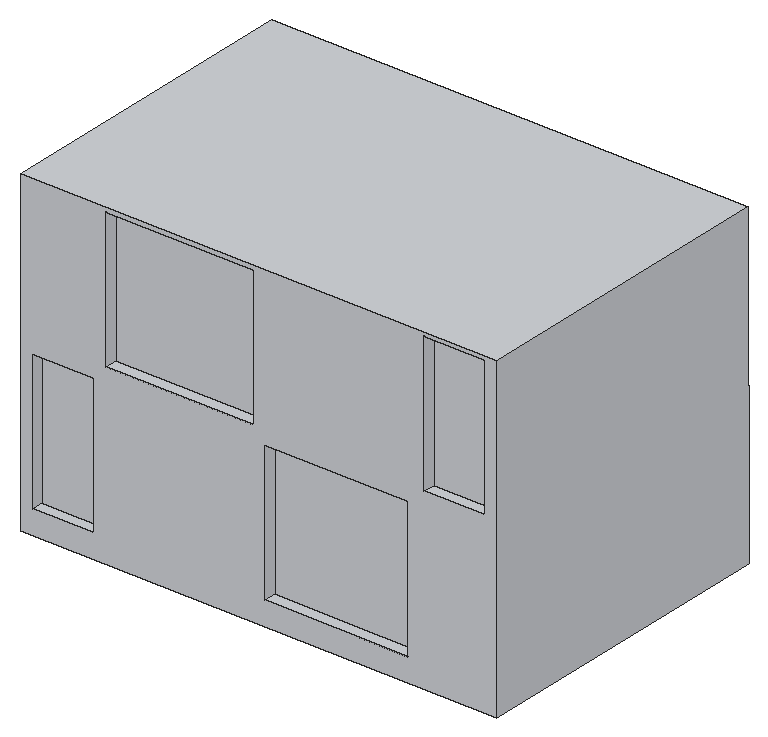
Revit family "SA 3H3W", category Generic Models, Revit 2019
Family settings
  Can host rebar = No
  Round Connector Dimension = Use Diameter
  Part Type = Normal
  Work Plane-Based = No
  Always vertical = Yes
  Cut with Voids When Loaded = No
  Shared = No
  Room Calculation Point = No
Parameters (values of type "3H3W SA")
  Width = 5' - 4 1/2"
  Weight (lbs) = "1300"
  URL = "www.renewaire.com"
  Model = "3H3W SA"
  Manufacturer = "Renewaire LLC"
  Length = 8' - 1 3/4"
  Height = 5' - 5 5/8"
  Description = "Energy Recovery Ventilator"
  Cores (L125-G5) = "9"
  Airflow Range (CFM) = "2,250-9,900"
Reference planes (in)
  plane 1 "Center (Front/Back)": y = 0
  plane 2: z = 0
  plane 3 "Center (Left/Right)": x = 0
Forms (in)
  Extrusion 1, solid
    sketch origin (0, 0, 0) x (1, 0, 0) y (0, 0, 1)
      loop
        line (0, 0) -> (97.75, 0) -> (97.75, 65.5) -> (0, 65.5) -> (0, 0)
    from 0 to 64.5
  Extrusion 2, void
    sketch origin (0.125, -32, -12.10338) x (1, 0, 0) y (0, 0, 1)
      loop
        line (2.375, 45.43107) -> (2.375, 16.93107) -> (15, 16.93107) -> (15, 45.43107) -> (2.375, 45.43107)
      loop
        line (50, 45.43107) -> (50, 16.93107) -> (79.40836, 16.93107) -> (79.40836, 45.43107) -> (50, 45.43107)
      loop
        line (47.75055, 76.93107) -> (17.5, 76.93107) -> (17.5, 48.43107) -> (47.75055, 48.43107) -> (47.75055, 76.93107)
      loop
        line (82.71498, 76.93107) -> (82.71498, 48.43107) -> (95.08998, 48.43107) -> (95.08998, 76.93107) -> (82.71498, 76.93107)
    from 30 to 34
  Extrusion 3, void
    sketch origin (0.125, 32, -11.9505) x (1, 0, 0) y (0, 0, 1)
      loop
        line (2.375, 45.43107) -> (2.375, 16.93107) -> (15, 16.93107) -> (15, 45.43107) -> (2.375, 45.43107)
      loop
        line (50, 45.43107) -> (50, 16.93107) -> (79.40836, 16.93107) -> (79.40836, 45.43107) -> (50, 45.43107)
      loop
        line (47.75055, 76.93107) -> (17.5, 76.93107) -> (17.5, 48.43107) -> (47.75055, 48.43107) -> (47.75055, 76.93107)
      loop
        line (82.71498, 76.93107) -> (82.71498, 48.43107) -> (95.08998, 48.43107) -> (95.08998, 76.93107) -> (82.71498, 76.93107)
    from 30 to 34
Cuts and joins
  Extrusion 2, Extrusion 3 cuts Extrusion 1
Dimensions and locks (in)
  aligned and locked: plane 2 to level
